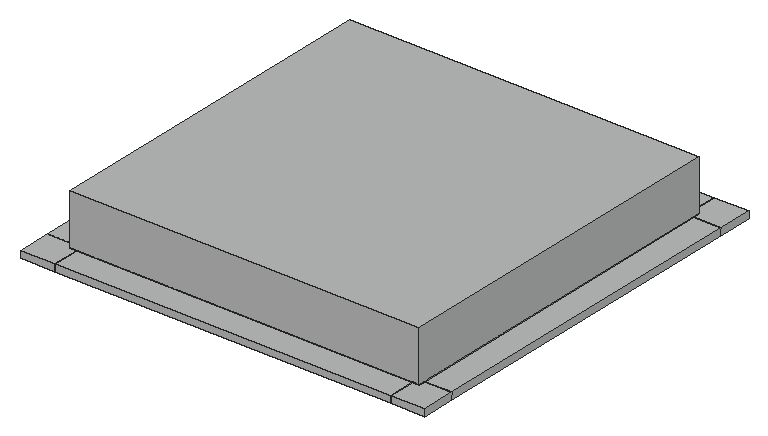
Revit family "ALUMOGIPS", category Осветительные приборы, Revit 2019 (continued)
Types (72, lengths in mm): name | Файл фотометрической сетки | built-in parameter 1150105 | Lumens | built-in parameter 1150106 | built-in parameter 1150142 | Wattage | Emit from Rectangle Width | Emit from Rectangle Length | Длина | Материал светильника | Ширина | ADSK_Ток | ADSK_Полная мощность | ADSK_Обозначение | ADSK_Номинальная мощность | ADSK_Наименование | ADSK_Масса | ADSK_Код изделия
  Alumogips-38/opal-sand 610х610 (IP54, 4000К, серый, грильято) c БАП на 3 часа | "Светильник ALUMOGIPS-38 OPAL-SAND-(610x610).IES" | 302.39 (stored number, unit not read) | 3800 lm | 3.0239 (stored number, unit not read) | "IESNA:LM-63-95\r\n[TEST] Протокол № 50-12 \r\n[DATA] 20.06.2016\r\n[MORE] \r\n[MANUFAC] ЗАО \"Центрстройсвет\"\r\n[LUMCAT]  Светильник ALUMOGIPS-38/OPAL-SAND-(610x610)\r\n[LUMINAIRE]\r\n[LAMPCAT] Светодиоды\r\n[LAMP] Поток источника света (светодиодов) не известен\r\n[MORE] КСС приведена в абсолютных величинах кд\r\n[MORE] Вместо потока лампы, указан поток светильника.\r\nTILT=NONE\r\n1    3750 1.0 37 73 1 2 0.61 0.61 0.04\r\n1.0 1.0 38.7\r\n0.0 5.0 10.0 15.0 20.0 25.0 30.0 35.0 40.0 45.0 50.0 55.0 60.0 65.0 70.0 75.0 80.0 85.0 90.0 95.0 100.0 105.0 110.0 115.0 120.0 125.0 130.0 135.0 140.0 145.0 150.0 155.0 160.0 165.0 170.0 175.0 180.0\r\n0.0 5.0 10.0 15.0 20.0 25.0 30.0 35.0 40.0 45.0 50.0 55.0 60.0 65.0 70.0 75.0 80.0 85.0 90.0 95.0 100.0 105.0 110.0 115.0 120.0 125.0 130.0 135.0 140.0 145.0 150.0 155.0 160.0 165.0 170.0 175.0 180.0 185.0 190.0 195.0 200.0 205.0 210.0 215.0 220.0 225.0 230.0 235.0 240.0 245.0 250.0 255.0 260.0 265.0 270.0 275.0 280.0 285.0 290.0 295.0 300.0 305.0 310.0 315.0 320.0 325.0 330.0 335.0 340.0 345.0 350.0 355.0 360.0\r\n1391.4 1390.6 1365.7 1330.6 1277.5 1214.9 1147.5 1059.6 967.6 873.2 772.4 664.9 556.3 449.1 342.7 240.6 147.1 64.2 4.7 0.0 0.0 0.0 0.0 0.0 0.0 0.0 0.0 0.0 0.0 0.0 0.0 0.0 0.0 0.0 0.0 0.0 0.0\r\n1391.4 1390.5 1367.8 1332.7 1284.3 1221.3 1147.0 1062.1 969.2 872.4 773.2 666.3 557.1 450.1 343.8 241.9 146.9 64.7 5.2 0.0 0.0 0.0 0.0 0.0 0.0 0.0 0.0 0.0 0.0 0.0 0.0 0.0 0.0 0.0 0.0 0.0 0.0\r\n1391.4 1390.2 1372.0 1333.3 1277.3 1216.8 1144.5 1057.4 969.6 875.1 773.8 669.5 560.0 454.6 345.8 242.4 148.5 65.8 5.4 0.0 0.0 0.0 0.0 0.0 0.0 0.0 0.0 0.0 0.0 0.0 0.0 0.0 0.0 0.0 0.0 0.0 0.0\r\n1391.4 1389.8 1371.2 1330.7 1279.5 1220.5 1148.3 1059.9 967.7 873.2 767.5 666.8 561.4 453.0 347.1 243.7 149.9 65.6 5.8 0.0 0.0 0.0 0.0 0.0 0.0 0.0 0.0 0.0 0.0 0.0 0.0 0.0 0.0 0.0 0.0 0.0 0.0\r\n1391.4 1389.8 1368.3 1329.3 1285.0 1214.6 1141.1 1058.7 971.8 871.3 775.2 666.9 559.4 452.6 345.8 242.5 150.0 65.8 6.1 0.0 0.0 0.0 0.0 0.0 0.0 0.0 0.0 0.0 0.0 0.0 0.0 0.0 0.0 0.0 0.0 0.0 0.0\r\n1391.4 1390.5 1367.3 1332.3 1281.7 1219.0 1142.8 1064.6 970.5 874.4 772.1 667.5 560.2 453.0 346.2 241.8 149.4 65.7 5.6 0.0 0.0 0.0 0.0 0.0 0.0 0.0 0.0 0.0 0.0 0.0 0.0 0.0 0.0 0.0 0.0 0.0 0.0\r\n1391.4 1391.4 1368.1 1333.5 1277.3 1215.7 1139.0 1059.6 968.1 872.4 771.6 667.4 558.8 453.3 344.3 243.9 148.4 65.7 5.4 0.0 0.0 0.0 0.0 0.0 0.0 0.0 0.0 0.0 0.0 0.0 0.0 0.0 0.0 0.0 0.0 0.0 0.0\r\n1391.4 1391.7 1368.1 1330.4 1278.2 1213.9 1142.4 1061.6 967.4 875.1 772.0 669.3 561.1 452.5 345.2 242.1 148.3 65.4 5.5 0.0 0.0 0.0 0.0 0.0 0.0 0.0 0.0 0.0 0.0 0.0 0.0 0.0 0.0 0.0 0.0 0.0 0.0\r\n1391.4 1391.5 1371.0 1328.4 1278.5 1216.7 1142.1 1061.2 971.8 874.7 772.1 668.9 560.8 452.9 345.4 243.3 147.7 66.0 5.4 0.0 0.0 0.0 0.0 0.0 0.0 0.0 0.0 0.0 0.0 0.0 0.0 0.0 0.0 0.0 0.0 0.0 0.0\r\n1391.4 1391.5 1373.2 1330.5 1277.3 1215.5 1143.2 1063.6 967.0 872.7 772.2 669.4 558.9 453.2 346.6 241.9 148.1 65.2 5.5 0.0 0.0 0.0 0.0 0.0 0.0 0.0 0.0 0.0 0.0 0.0 0.0 0.0 0.0 0.0 0.0 0.0 0.0\r\n1391.4 1391.4 1369.7 1328.3 1281.3 1216.0 1139.8 1057.9 968.7 875.3 773.9 667.6 561.8 454.0 344.0 243.1 147.2 65.6 5.5 0.0 0.0 0.0 0.0 0.0 0.0 0.0 0.0 0.0 0.0 0.0 0.0 0.0 0.0 0.0 0.0 0.0 0.0\r\n1391.4 1390.5 1367.9 1330.1 1278.1 1218.1 1138.9 1061.0 970.0 871.8 770.4 669.3 560.2 453.4 346.9 242.1 148.3 65.2 5.2 0.0 0.0 0.0 0.0 0.0 0.0 0.0 0.0 0.0 0.0 0.0 0.0 0.0 0.0 0.0 0.0 0.0 0.0\r\n1391.4 1389.3 1368.2 1329.1 1280.8 1214.4 1142.5 1059.2 967.2 874.3 772.4 668.0 563.1 452.3 345.7 242.8 146.8 64.9 5.1 0.0 0.0 0.0 0.0 0.0 0.0 0.0 0.0 0.0 0.0 0.0 0.0 0.0 0.0 0.0 0.0 0.0 0.0\r\n1391.4 1388.6 1367.4 1327.8 1278.0 1215.7 1141.0 1061.0 971.5 877.3 771.2 667.3 561.5 453.0 346.4 242.4 146.3 64.8 5.2 0.0 0.0 0.0 0.0 0.0 0.0 0.0 0.0 0.0 0.0 0.0 0.0 0.0 0.0 0.0 0.0 0.0 0.0\r\n1391.4 1388.0 1367.6 1326.7 1278.3 1218.0 1140.9 1061.5 968.4 873.4 770.1 666.6 562.1 454.6 344.8 241.8 146.4 64.0 5.5 0.0 0.0 0.0 0.0 0.0 0.0 0.0 0.0 0.0 0.0 0.0 0.0 0.0 0.0 0.0 0.0 0.0 0.0\r\n1391.4 1387.2 1366.1 1331.0 1281.4 1216.3 1142.7 1059.1 969.4 871.5 772.2 667.3 560.5 453.0 344.4 242.2 146.4 63.8 5.6 0.0 0.0 0.0 0.0 0.0 0.0 0.0 0.0 0.0 0.0 0.0 0.0 0.0 0.0 0.0 0.0 0.0 0.0\r\n1391.4 1387.1 1366.3 1328.7 1276.9 1214.5 1141.2 1059.3 968.4 874.3 775.5 668.3 562.5 454.9 346.4 241.3 146.2 63.5 5.7 0.0 0.0 0.0 0.0 0.0 0.0 0.0 0.0 0.0 0.0 0.0 0.0 0.0 0.0 0.0 0.0 0.0 0.0\r\n1391.4 1388.4 1366.0 1329.7 1279.2 1217.9 1140.0 1060.5 969.0 873.9 772.0 671.3 560.4 453.2 343.7 241.7 145.8 63.7 5.4 0.0 0.0 0.0 0.0 0.0 0.0 0.0 0.0 0.0 0.0 0.0 0.0 0.0 0.0 0.0 0.0 0.0 0.0\r\n1391.4 1389.6 1367.7 1329.3 1277.2 1211.1 1140.1 1061.0 971.0 871.2 769.2 669.1 561.5 453.1 343.3 241.9 145.8 63.4 5.2 0.0 0.0 0.0 0.0 0.0 0.0 0.0 0.0 0.0 0.0 0.0 0.0 0.0 0.0 0.0 0.0 0.0 0.0\r\n1391.4 1388.8 1366.9 1327.1 1279.4 1214.2 1142.5 1056.4 970.7 870.3 771.0 665.1 560.4 453.3 343.8 241.1 145.7 63.4 5.2 0.0 0.0 0.0 0.0 0.0 0.0 0.0 0.0 0.0 0.0 0.0 0.0 0.0 0.0 0.0 0.0 0.0 0.0\r\n1391.4 1387.2 1365.8 1328.9 1276.6 1210.2 1141.4 1059.3 966.6 871.4 770.5 667.4 559.2 451.4 344.2 241.0 145.6 63.2 5.1 0.0 0.0 0.0 0.0 0.0 0.0 0.0 0.0 0.0 0.0 0.0 0.0 0.0 0.0 0.0 0.0 0.0 0.0\r\n1391.4 1386.8 1364.4 1329.8 1279.4 1213.7 1144.0 1059.0 965.3 873.7 768.8 668.9 559.4 449.5 342.6 241.5 144.6 63.4 5.0 0.0 0.0 0.0 0.0 0.0 0.0 0.0 0.0 0.0 0.0 0.0 0.0 0.0 0.0 0.0 0.0 0.0 0.0\r\n1391.4 1388.1 1365.8 1328.1 1273.8 1213.4 1137.9 1059.2 967.3 869.2 769.3 667.7 558.4 451.4 344.0 240.6 145.7 63.4 4.9 0.0 0.0 0.0 0.0 0.0 0.0 0.0 0.0 0.0 0.0 0.0 0.0 0.0 0.0 0.0 0.0 0.0 0.0\r\n1391.4 1389.2 1364.4 1323.2 1276.3 1213.8 1137.6 1055.3 963.1 871.0 767.7 664.1 559.7 447.1 342.4 240.1 145.2 63.9 5.1 0.0 0.0 0.0 0.0 0.0 0.0 0.0 0.0 0.0 0.0 0.0 0.0 0.0 0.0 0.0 0.0 0.0 0.0\r\n1391.4 1388.4 1362.3 1326.8 1274.4 1212.2 1137.9 1054.7 966.7 867.9 768.7 663.4 557.3 449.2 343.3 240.0 145.7 63.6 5.0 0.0 0.0 0.0 0.0 0.0 0.0 0.0 0.0 0.0 0.0 0.0 0.0 0.0 0.0 0.0 0.0 0.0 0.0\r\n1391.4 1386.2 1361.8 1326.5 1273.3 1211.2 1134.5 1048.6 964.3 866.3 767.8 662.9 556.7 449.5 341.9 239.8 145.7 63.7 5.0 0.0 0.0 0.0 0.0 0.0 0.0 0.0 0.0 0.0 0.0 0.0 0.0 0.0 0.0 0.0 0.0 0.0 0.0\r\n1391.4 1384.4 1363.5 1324.4 1272.0 1209.5 1137.2 1053.0 960.2 867.5 767.9 662.7 556.7 449.2 342.5 239.1 146.2 63.8 4.8 0.0 0.0 0.0 0.0 0.0 0.0 0.0 0.0 0.0 0.0 0.0 0.0 0.0 0.0 0.0 0.0 0.0 0.0\r\n1391.4 1383.7 1362.4 1324.4 1274.0 1209.5 1134.4 1050.1 965.4 864.9 764.6 662.3 556.6 447.9 340.5 240.3 145.5 64.6 4.6 0.0 0.0 0.0 0.0 0.0 0.0 0.0 0.0 0.0 0.0 0.0 0.0 0.0 0.0 0.0 0.0 0.0 0.0\r\n1391.4 1384.4 1361.9 1326.9 1270.2 1207.3 1132.7 1050.1 959.7 867.7 763.1 662.2 555.0 447.3 343.0 238.3 145.8 63.9 4.7 0.0 0.0 0.0 0.0 0.0 0.0 0.0 0.0 0.0 0.0 0.0 0.0 0.0 0.0 0.0 0.0 0.0 0.0\r\n1391.4 1385.1 1363.0 1320.0 1270.4 1207.9 1134.4 1055.0 963.5 867.3 766.7 660.7 555.9 450.1 342.6 240.2 145.9 64.3 4.9 0.0 0.0 0.0 0.0 0.0 0.0 0.0 0.0 0.0 0.0 0.0 0.0 0.0 0.0 0.0 0.0 0.0 0.0\r\n1391.4 1384.9 1362.3 1321.4 1273.1 1208.0 1135.4 1052.3 961.9 865.0 764.0 660.8 553.5 447.6 341.2 240.3 146.1 63.8 4.8 0.0 0.0 0.0 0.0 0.0 0.0 0.0 0.0 0.0 0.0 0.0 0.0 0.0 0.0 0.0 0.0 0.0 0.0\r\n1391.4 1383.8 1361.2 1322.1 1265.1 1211.5 1132.8 1049.3 961.3 863.4 764.0 661.0 550.7 447.9 341.0 240.1 146.2 63.8 4.6 0.0 0.0 0.0 0.0 0.0 0.0 0.0 0.0 0.0 0.0 0.0 0.0 0.0 0.0 0.0 0.0 0.0 0.0\r\n1391.4 1382.8 1359.3 1321.5 1269.3 1206.8 1132.8 1051.1 958.3 863.2 763.1 662.7 553.4 448.0 340.4 240.0 145.8 63.8 4.0 0.0 0.0 0.0 0.0 0.0 0.0 0.0 0.0 0.0 0.0 0.0 0.0 0.0 0.0 0.0 0.0 0.0 0.0\r\n1391.4 1382.6 1359.0 1319.6 1268.1 1204.3 1129.8 1049.0 957.7 861.8 761.7 658.4 554.2 446.1 340.4 239.0 145.6 63.8 3.8 0.0 0.0 0.0 0.0 0.0 0.0 0.0 0.0 0.0 0.0 0.0 0.0 0.0 0.0 0.0 0.0 0.0 0.0\r\n1391.4 1382.8 1358.5 1315.8 1266.5 1202.1 1128.5 1049.2 957.6 860.0 762.1 658.2 549.9 443.8 339.6 238.4 145.7 63.6 3.7 0.0 0.0 0.0 0.0 0.0 0.0 0.0 0.0 0.0 0.0 0.0 0.0 0.0 0.0 0.0 0.0 0.0 0.0\r\n1391.4 1382.2 1360.5 1319.2 1265.9 1204.5 1129.9 1046.9 955.0 862.9 758.9 657.9 552.5 444.9 338.9 238.8 145.3 63.6 3.3 0.0 0.0 0.0 0.0 0.0 0.0 0.0 0.0 0.0 0.0 0.0 0.0 0.0 0.0 0.0 0.0 0.0 0.0\r\n1391.4 1381.1 1361.2 1321.0 1268.1 1203.8 1128.8 1047.4 955.6 863.7 761.1 656.4 551.5 445.2 339.2 238.5 144.7 62.5 3.5 0.0 0.0 0.0 0.0 0.0 0.0 0.0 0.0 0.0 0.0 0.0 0.0 0.0 0.0 0.0 0.0 0.0 0.0\r\n1391.4 1380.6 1359.0 1316.4 1268.5 1204.0 1126.1 1049.5 956.2 859.6 759.7 656.5 549.2 444.3 338.4 236.1 143.8 61.6 3.2 0.0 0.0 0.0 0.0 0.0 0.0 0.0 0.0 0.0 0.0 0.0 0.0 0.0 0.0 0.0 0.0 0.0 0.0\r\n1391.4 1380.7 1356.6 1316.0 1267.0 1205.6 1130.3 1044.8 956.9 856.7 759.3 653.5 548.1 441.9 335.3 235.4 141.4 60.3 2.9 0.0 0.0 0.0 0.0 0.0 0.0 0.0 0.0 0.0 0.0 0.0 0.0 0.0 0.0 0.0 0.0 0.0 0.0\r\n1391.4 1380.4 1354.4 1317.9 1268.8 1199.0 1129.0 1044.0 956.9 860.6 758.3 656.9 549.1 442.0 334.4 236.1 141.7 60.5 2.6 0.0 0.0 0.0 0.0 0.0 0.0 0.0 0.0 0.0 0.0 0.0 0.0 0.0 0.0 0.0 0.0 0.0 0.0\r\n1391.4 1380.1 1356.7 1322.1 1264.6 1201.7 1129.9 1047.4 957.2 859.7 758.2 656.1 549.4 442.8 335.3 235.8 141.3 60.6 2.3 0.0 0.0 0.0 0.0 0.0 0.0 0.0 0.0 0.0 0.0 0.0 0.0 0.0 0.0 0.0 0.0 0.0 0.0\r\n1391.4 1379.9 1357.3 1317.5 1265.9 1207.8 1129.2 1046.5 955.7 860.2 758.6 656.9 550.7 441.9 335.4 233.9 140.6 60.2 2.4 0.0 0.0 0.0 0.0 0.0 0.0 0.0 0.0 0.0 0.0 0.0 0.0 0.0 0.0 0.0 0.0 0.0 0.0\r\n1391.4 1379.2 1355.5 1314.6 1269.3 1203.7 1133.5 1044.8 957.2 857.9 762.0 656.6 548.7 440.4 335.9 234.5 140.4 59.8 2.8 0.0 0.0 0.0 0.0 0.0 0.0 0.0 0.0 0.0 0.0 0.0 0.0 0.0 0.0 0.0 0.0 0.0 0.0\r\n1391.4 1377.9 1357.1 1319.2 1271.9 1204.4 1128.6 1050.2 953.1 856.9 757.6 653.7 548.9 439.9 335.4 232.4 140.5 59.2 3.0 0.0 0.0 0.0 0.0 0.0 0.0 0.0 0.0 0.0 0.0 0.0 0.0 0.0 0.0 0.0 0.0 0.0 0.0\r\n1391.4 1377.2 1356.3 1322.9 1266.0 1204.8 1132.2 1049.0 958.1 859.3 759.0 654.6 547.0 441.6 334.9 232.1 139.3 58.8 2.9 0.0 0.0 0.0 0.0 0.0 0.0 0.0 0.0 0.0 0.0 0.0 0.0 0.0 0.0 0.0 0.0 0.0 0.0\r\n1391.4 1377.8 1353.8 1319.7 1269.6 1207.9 1135.8 1049.5 955.8 858.0 762.4 655.9 548.2 441.6 335.6 231.7 139.4 58.8 2.8 0.0 0.0 0.0 0.0 0.0 0.0 0.0 0.0 0.0 0.0 0.0 0.0 0.0 0.0 0.0 0.0 0.0 0.0\r\n1391.4 1378.5 1355.2 1319.8 1267.3 1206.5 1131.2 1046.1 954.6 861.2 756.6 653.8 548.1 440.3 335.0 232.6 138.6 59.0 2.9 0.0 0.0 0.0 0.0 0.0 0.0 0.0 0.0 0.0 0.0 0.0 0.0 0.0 0.0 0.0 0.0 0.0 0.0\r\n1391.4 1378.6 1355.1 1318.3 1269.7 1200.8 1133.1 1049.0 957.6 862.5 762.4 656.9 549.3 443.5 334.7 231.2 138.8 58.1 3.0 0.0 0.0 0.0 0.0 0.0 0.0 0.0 0.0 0.0 0.0 0.0 0.0 0.0 0.0 0.0 0.0 0.0 0.0\r\n1391.4 1378.8 1355.8 1321.7 1268.8 1210.0 1129.0 1048.5 958.8 862.4 762.2 656.4 549.0 441.1 335.4 231.5 138.5 58.1 3.0 0.0 0.0 0.0 0.0 0.0 0.0 0.0 0.0 0.0 0.0 0.0 0.0 0.0 0.0 0.0 0.0 0.0 0.0\r\n1391.4 1379.6 1357.6 1321.7 1269.0 1207.1 1133.9 1047.0 964.1 863.3 761.9 656.4 551.5 440.7 334.9 232.2 137.6 58.1 2.8 0.0 0.0 0.0 0.0 0.0 0.0 0.0 0.0 0.0 0.0 0.0 0.0 0.0 0.0 0.0 0.0 0.0 0.0\r\n1391.4 1380.6 1357.7 1319.2 1272.0 1207.5 1131.3 1054.6 959.0 863.3 764.8 655.9 549.1 443.0 335.1 231.3 138.0 58.1 2.7 0.0 0.0 0.0 0.0 0.0 0.0 0.0 0.0 0.0 0.0 0.0 0.0 0.0 0.0 0.0 0.0 0.0 0.0\r\n1391.4 1381.5 1358.5 1321.9 1271.0 1204.1 1135.9 1055.8 962.5 865.5 761.1 656.9 550.6 442.0 335.3 231.9 137.4 57.9 2.6 0.0 0.0 0.0 0.0 0.0 0.0 0.0 0.0 0.0 0.0 0.0 0.0 0.0 0.0 0.0 0.0 0.0 0.0\r\n1391.4 1381.3 1358.5 1322.3 1270.8 1207.2 1133.7 1051.9 958.0 867.3 767.5 657.0 552.1 442.3 333.6 231.2 137.9 57.8 2.6 0.0 0.0 0.0 0.0 0.0 0.0 0.0 0.0 0.0 0.0 0.0 0.0 0.0 0.0 0.0 0.0 0.0 0.0\r\n1391.4 1380.6 1359.4 1319.7 1270.6 1209.0 1133.0 1052.1 963.9 867.5 764.1 660.0 554.0 443.3 334.8 231.7 137.6 57.8 2.7 0.0 0.0 0.0 0.0 0.0 0.0 0.0 0.0 0.0 0.0 0.0 0.0 0.0 0.0 0.0 0.0 0.0 0.0\r\n1391.4 1381.3 1359.9 1321.3 1270.6 1204.8 1135.0 1051.3 962.1 865.5 761.7 660.3 553.1 443.5 334.1 231.9 137.9 57.8 2.8 0.0 0.0 0.0 0.0 0.0 0.0 0.0 0.0 0.0 0.0 0.0 0.0 0.0 0.0 0.0 0.0 0.0 0.0\r\n1391.4 1383.1 1362.1 1324.8 1273.8 1208.7 1134.8 1055.9 961.8 866.4 762.3 659.7 552.4 443.7 334.4 232.8 138.0 58.0 2.8 0.0 0.0 0.0 0.0 0.0 0.0 0.0 0.0 0.0 0.0 0.0 0.0 0.0 0.0 0.0 0.0 0.0 0.0\r\n1391.4 1384.6 1360.4 1321.7 1272.0 1210.6 1130.9 1052.5 963.1 866.7 767.4 659.3 553.7 444.6 335.4 233.1 138.3 58.0 2.8 0.0 0.0 0.0 0.0 0.0 0.0 0.0 0.0 0.0 0.0 0.0 0.0 0.0 0.0 0.0 0.0 0.0 0.0\r\n1391.4 1385.6 1357.5 1324.7 1273.9 1211.6 1134.3 1052.7 963.6 865.4 763.1 658.7 552.2 444.9 336.9 232.8 138.8 58.6 2.9 0.0 0.0 0.0 0.0 0.0 0.0 0.0 0.0 0.0 0.0 0.0 0.0 0.0 0.0 0.0 0.0 0.0 0.0\r\n1391.4 1386.4 1357.8 1323.4 1273.2 1212.2 1136.3 1054.7 967.5 867.5 764.0 659.4 553.3 443.7 336.8 233.2 138.9 58.5 3.1 0.0 0.0 0.0 0.0 0.0 0.0 0.0 0.0 0.0 0.0 0.0 0.0 0.0 0.0 0.0 0.0 0.0 0.0\r\n1391.4 1386.6 1362.0 1324.9 1273.2 1211.3 1139.0 1049.9 960.3 866.4 768.0 661.3 552.2 443.4 336.3 233.4 139.8 58.9 3.1 0.0 0.0 0.0 0.0 0.0 0.0 0.0 0.0 0.0 0.0 0.0 0.0 0.0 0.0 0.0 0.0 0.0 0.0\r\n1391.4 1386.0 1360.5 1326.0 1271.8 1212.0 1137.2 1059.3 963.5 867.6 766.9 661.2 552.3 445.8 337.8 233.6 141.0 59.2 3.3 0.0 0.0 0.0 0.0 0.0 0.0 0.0 0.0 0.0 0.0 0.0 0.0 0.0 0.0 0.0 0.0 0.0 0.0\r\n1391.4 1385.0 1362.3 1325.1 1272.0 1207.1 1138.5 1053.6 964.5 865.8 766.5 661.6 554.3 445.9 337.0 234.5 140.4 60.2 3.5 0.0 0.0 0.0 0.0 0.0 0.0 0.0 0.0 0.0 0.0 0.0 0.0 0.0 0.0 0.0 0.0 0.0 0.0\r\n1391.4 1384.4 1361.8 1323.6 1274.0 1214.8 1138.9 1053.9 968.0 867.9 769.0 663.8 555.6 446.7 339.6 235.0 141.3 60.4 3.4 0.0 0.0 0.0 0.0 0.0 0.0 0.0 0.0 0.0 0.0 0.0 0.0 0.0 0.0 0.0 0.0 0.0 0.0\r\n1391.4 1385.0 1360.9 1322.2 1272.4 1209.8 1137.2 1055.7 962.7 869.7 769.6 658.2 556.6 447.4 338.5 236.2 142.5 60.7 3.4 0.0 0.0 0.0 0.0 0.0 0.0 0.0 0.0 0.0 0.0 0.0 0.0 0.0 0.0 0.0 0.0 0.0 0.0\r\n1391.4 1386.6 1363.1 1323.6 1272.5 1211.5 1139.2 1058.4 969.9 868.0 768.8 664.6 556.3 445.8 342.1 236.1 142.3 61.2 3.5 0.0 0.0 0.0 0.0 0.0 0.0 0.0 0.0 0.0 0.0 0.0 0.0 0.0 0.0 0.0 0.0 0.0 0.0\r\n1391.4 1388.6 1360.9 1330.2 1273.7 1213.2 1138.7 1058.3 966.2 867.0 766.8 663.4 553.3 447.1 339.2 238.7 143.0 61.4 3.8 0.0 0.0 0.0 0.0 0.0 0.0 0.0 0.0 0.0 0.0 0.0 0.0 0.0 0.0 0.0 0.0 0.0 0.0\r\n1391.4 1389.8 1360.8 1328.4 1276.8 1216.0 1140.1 1055.8 963.1 870.3 768.4 663.1 554.0 449.1 340.1 237.3 144.8 61.7 3.8 0.0 0.0 0.0 0.0 0.0 0.0 0.0 0.0 0.0 0.0 0.0 0.0 0.0 0.0 0.0 0.0 0.0 0.0\r\n1391.4 1389.3 1362.5 1325.9 1278.0 1210.4 1138.2 1054.7 967.8 872.7 770.2 661.9 556.5 446.9 341.3 237.7 144.4 62.5 3.9 0.0 0.0 0.0 0.0 0.0 0.0 0.0 0.0 0.0 0.0 0.0 0.0 0.0 0.0 0.0 0.0 0.0 0.0\r\n1391.4 1387.8 1365.8 1326.6 1274.3 1213.2 1141.4 1053.1 966.2 871.2 768.4 663.7 555.0 447.1 341.3 238.2 144.3 62.7 4.1 0.0 0.0 0.0 0.0 0.0 0.0 0.0 0.0 0.0 0.0 0.0 0.0 0.0 0.0 0.0 0.0 0.0 0.0\r\n1391.4 1387.2 1364.2 1328.3 1274.8 1209.4 1145.0 1060.0 963.9 867.5 766.5 663.4 556.7 448.2 340.9 240.3 144.7 63.3 4.0 0.0 0.0 0.0 0.0 0.0 0.0 0.0 0.0 0.0 0.0 0.0 0.0 0.0 0.0 0.0 0.0 0.0 0.0\r\n1391.4 1388.4 1364.9 1332.6 1279.0 1215.6 1140.9 1056.3 969.3 867.1 770.0 663.8 559.0 449.0 342.4 240.3 145.7 63.3 4.7 0.0 0.0 0.0 0.0 0.0 0.0 0.0 0.0 0.0 0.0 0.0 0.0 0.0 0.0 0.0 0.0 0.0 0.0\r\n1391.4 1390.0 1364.5 1329.3 1281.4 1217.7 1141.3 1063.3 970.3 871.1 768.8 663.5 555.2 449.3 342.4 239.8 146.6 63.3 4.9 0.0 0.0 0.0 0.0 0.0 0.0 0.0 0.0 0.0 0.0 0.0 0.0 0.0 0.0 0.0 0.0 0.0 0.0\r\n1391.4 1390.6 1365.7 1330.6 1277.5 1214.9 1147.5 1059.6 967.6 873.2 772.4 664.9 556.3 449.1 342.7 240.6 147.1 64.2 4.7 0.0 0.0 0.0 0.0 0.0 0.0 0.0 0.0 0.0 0.0 0.0 0.0 0.0 0.0 0.0 0.0 0.0 0.0\r\n" | 25.582 W | 590 | 590 | 610 | RAL 9006 | 610 | 0.179584 A | 41.3043 VA | "Alumogips-38/opal-sand 610х610 (IP54, 4000К, серый, грильято)" | 38 W | "Встраиваемый светодиодный светильник Alumogips-38/opal-sand 610х610 (IP54, 4000К, серый, грильято) c
     БАП на 3 часа" | 2.4 | "ЦБ000007825"
